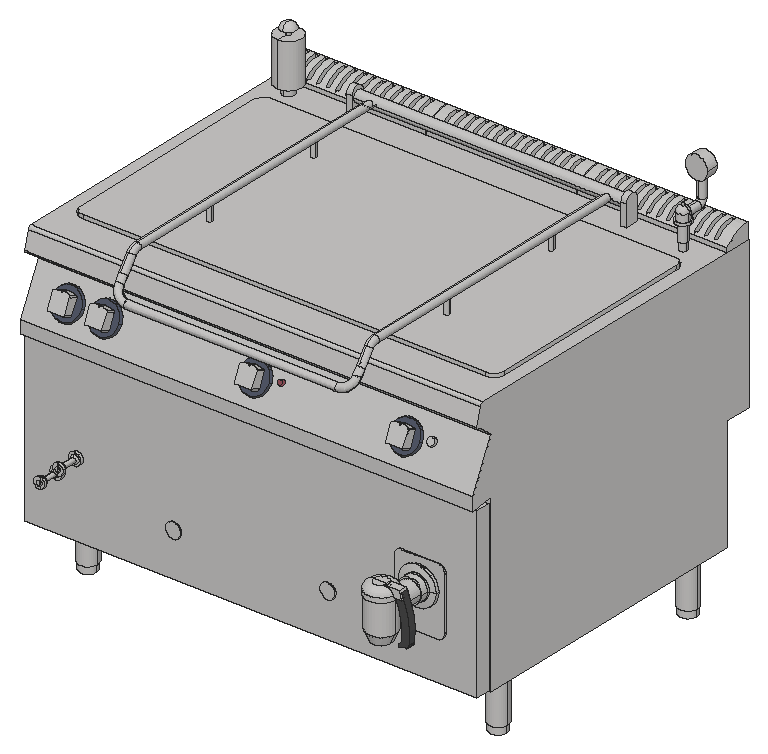
Revit family "QF_ZANUSSI_392105_Z9BSGLIUFE", category Specialty Equipment, Revit 2018 (continued)
Connectors
  piping at (140, -734.3, 137), diameter 25.4
    settings: on Extrusion 39, index 4, connector inside diameter 1", connector length 0 mm, flow factor 0, pipe flow 0 GPM, pressure drop 0.00 psi, fitting loss kfactor 0, connector angle 0.00°, fixture units 0, engagement length 0 mm, angle of deflection 0.00°, flow configuration 1, flow direction 2, fitting loss method 0, system type 16, joint type 0, gender type 0, connector reference index -1, connector utility 0, adjustable connector no, is connector primary no, connector description "DRAIN"
